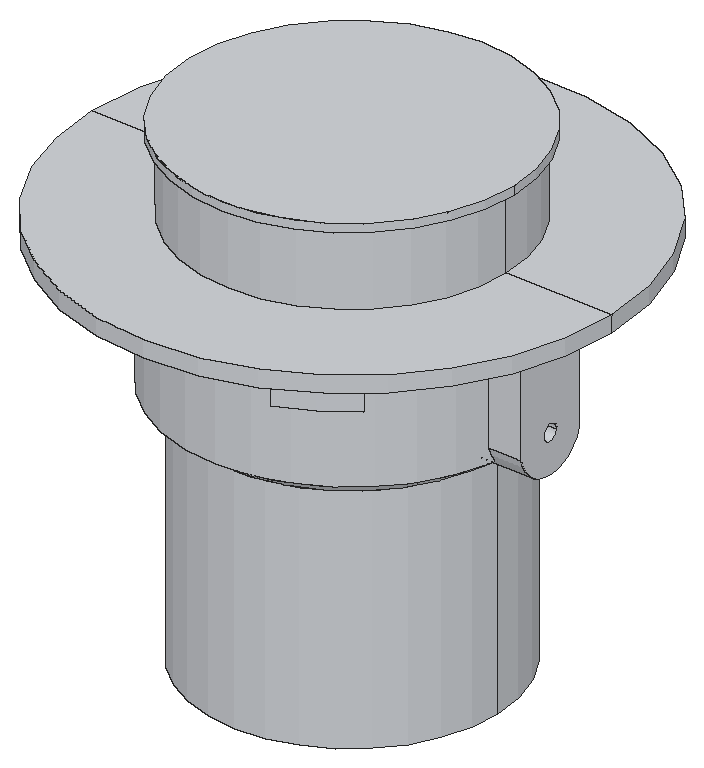
Revit family
Parameters (values of type "MIFAB- C1100-R-Floor Cleanout with 5 round cover")
  Rad = 0' - 2"
  Model = "C1100-R"
  Manufacturer = "MIFAB"
  Description = "Floor Cleanout with 5\" round cover"
  Assembly Code = ""
Reference planes (in)
  plane 1 "Center (Front/Back)": y = 0
  plane 2: z = 0
  plane 3 "Center (Left/Right)": x = 0
Forms (in)
  Revolve 1, void
    sketch origin (0, 0, 0) x (1, 0, 0) y (0, 0, 1)
      loop
        line (4, 0) -> (0, 0) -> (0, -12) -> (4, -12) -> (4, 0)
      axis (0, -12) -> (0, 0)
    angle from 0 to 360
  Revolve 2, solid
    sketch origin (0, 0, -6.125) x (1, 0, 0) y (0, 0, 1)
      loop
        line (-2, 0) -> (-2, 3.68019) -> (-2.36436, 3.93532) -> (-2.36436, 6.125) -> (-4, 6.125) -> (-4, 5.875) -> (-2.61436, 5.875) -> (-2.61436, 3.80518) -> (-2.25, 3.55005) -> (-2.25, 0) -> (-2, 0)
      axis (0, 0) -> (0, 6.125)
    angle from 0 to 360
  Extrusion 3, solid
    sketch origin (0, 0, -6.125) x (1, 0, 0) y (0, 1, 0)
      loop
        line (-2.5778, 0.43573) -> (-3.0708, 0.51907)
        arc (-3.0708, 0.51907) -> (-3.11402, -0.04637) -> (-3.05399, -0.61027) r 3.11436
        line (-3.05399, -0.61027) -> (-2.56368, -0.51229)
        arc (-2.56368, -0.51229) -> (-2.61407, -0.03893) -> (-2.5778, 0.43573) r 2.61436
      loop
        circle (-2.81869, -0.37593) r 0.06283
    from 5.125 to 5.875
  Extrusion 4, solid
    sketch origin (0, 0, -6.125) x (-0.5, -0.866025, 0) y (0.866025, -0.5, 0)
      loop
        line (-2.5778, 0.43573) -> (-3.0708, 0.51907)
        arc (-3.0708, 0.51907) -> (-3.11402, -0.04637) -> (-3.05399, -0.61027) r 3.11436
        line (-3.05399, -0.61027) -> (-2.56368, -0.51229)
        arc (-2.56368, -0.51229) -> (-2.61407, -0.03893) -> (-2.5778, 0.43573) r 2.61436
      loop
        circle (-2.86473, -0.39472) r 0.06283
    from 5.125 to 5.875
  Extrusion 5, solid
    sketch origin (0, 0, -6.125) x (-0.5, 0.866025, 0) y (-0.866025, -0.5, 0)
      loop
        line (-2.5778, 0.43573) -> (-3.0708, 0.51907)
        arc (-3.0708, 0.51907) -> (-3.11402, -0.04637) -> (-3.05399, -0.61027) r 3.11436
        line (-3.05399, -0.61027) -> (-2.56368, -0.51229)
        arc (-2.56368, -0.51229) -> (-2.61407, -0.03893) -> (-2.5778, 0.43573) r 2.61436
      loop
        circle (-2.82833, -0.32992) r 0.06283
    from 5.125 to 5.875
  Extrusion 6, solid
    sketch origin (0, 0.0456, -6.125) x (0, 1, 0) y (0, 0, 1)
      loop
        line (-0.61027, 5.875) -> (-0.61027, 4.02458)
        arc (-0.61027, 4.02458) -> (-0.05988, 3.57309) -> (0.51907, 3.98733) r 0.58505
        line (0.51907, 3.98733) -> (0.51907, 5.875) -> (-0.61027, 5.875)
      loop
        circle (-0.04059, 4.15782) r 0.12539
    from 2.18746 to 3.04442
  Extrusion 7, solid
    sketch origin (0, 0, -0.25) x (1, 0, 0) y (0, 1, 0)
      loop
        circle (0, 0) r 2.25
      loop
        circle (0, 0) r 2.375
    from 0.25 to 1.375
  Extrusion 8, solid
    sketch origin (0, 0, -0.25) x (1, 0, 0) y (0, 1, 0)
      loop
        circle (0, 0) r 2.5
    from 1.375 to 1.5
Lines and regions (in)
  sketch lines
    curve 1: line (-60, 60, 0) -> (60, 60, 0)
    curve 2: line (-60, 60, 0) -> (-60, -60, 0)
    curve 3: line (-60, -60, 0) -> (60, -60, 0)
    curve 4: line (60, 60, 0) -> (60, -60, 0)
Dimensions and locks (in)
  equal spacing: curve 3, plane 1 "Center (Front/Back)", curve 1
  equal spacing: curve 4, plane 3 "Center (Left/Right)", curve 2
  curve 3 to curve 1 = 10' - 0"
  curve 2 to curve 4 = 10' - 0"
  aligned and locked: Extrusion 3 to Revolve 2
  aligned and locked: host floor to Revolve 1 sketch curve
  aligned and locked: Revolve 1 sketch curve to host floor
  aligned and locked: Revolve 1 sketch curve to Revolve 2
Connectors (in)
  piping at (0, 0, -6.125), driven by "Rad"
    settings: on Revolve 2, index 1
